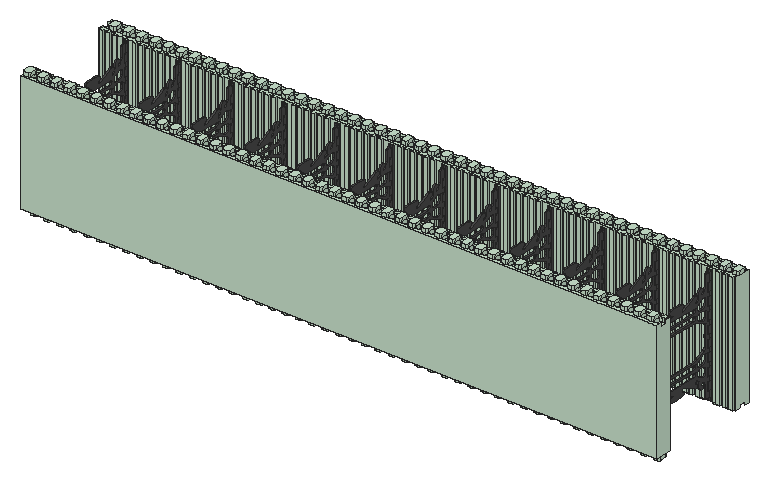
Revit family
Reference planes
  plane 1 "Center (Front/Back)": y = 0
  plane 2: z = 0
  plane 3 "Center (Left/Right)": x = 0
Forms (mm)
  Extrusion 1, solid, material "NUDURA Expanded Polystyrene Foam Insulation"
    sketch origin (0, -0.061, 0) x (1, 0, 0) y (0, 1, 0)
      loop
        line (7.142, 158.75) -> (5.558, 152.4) -> (19.842, 152.4) -> (18.258, 158.75) -> (32.542, 158.75) -> (30.958, 152.4) -> (45.242, 152.4) -> (43.658, 158.75) -> (57.942, 158.75) -> (56.358, 152.4) -> (70.642, 152.4) -> (69.058, 158.75) -> (134.142, 158.75) -> (132.558, 152.4) -> (146.842, 152.4) -> (145.258, 158.75) -> (159.542, 158.75) -> (157.958, 152.4) -> (172.242, 152.4) -> (170.658, 158.75) -> (184.942, 158.75) -> (183.358, 152.4) -> (197.642, 152.4) -> (196.058, 158.75) -> (210.342, 158.75) -> (208.758, 152.4) -> (223.042, 152.4) -> (221.458, 158.75) -> (235.742, 158.75) -> (234.158, 152.4) -> (248.442, 152.4) -> (246.858, 158.75) -> (261.142, 158.75) -> (259.558, 152.4) -> (273.842, 152.4) -> (272.258, 158.75) -> (337.342, 158.75) -> (335.758, 152.4) -> (350.042, 152.4) -> (348.458, 158.75) -> (362.742, 158.75) -> (361.158, 152.4) -> (375.442, 152.4) -> (373.858, 158.75) -> (388.142, 158.75) -> (386.558, 152.4) -> (400.842, 152.4) -> (399.258, 158.75) -> (413.542, 158.75) -> (411.958, 152.4) -> (426.242, 152.4) -> (424.658, 158.75) -> (438.942, 158.75) -> (437.358, 152.4) -> (451.642, 152.4) -> (450.058, 158.75) -> (464.342, 158.75) -> (462.758, 152.4) -> (477.042, 152.4) -> (475.458, 158.75) -> (540.542, 158.75) -> (538.958, 152.4) -> (553.242, 152.4) -> (551.658, 158.75) -> (565.942, 158.75) -> (564.358, 152.4) -> (578.642, 152.4) -> (577.058, 158.75) -> (591.342, 158.75) -> (589.758, 152.4) -> (604.042, 152.4) -> (602.458, 158.75) -> (616.742, 158.75) -> (615.158, 152.4) -> (629.442, 152.4) -> (627.858, 158.75) -> (642.142, 158.75) -> (640.558, 152.4) -> (654.842, 152.4) -> (653.258, 158.75) -> (667.542, 158.75) -> (665.958, 152.4) -> (680.242, 152.4) -> (678.658, 158.75) -> (743.742, 158.75) -> (742.158, 152.4) -> (756.442, 152.4) -> (754.858, 158.75) -> (769.142, 158.75) -> (767.558, 152.4) -> (781.842, 152.4) -> (780.258, 158.75) -> (794.542, 158.75) -> (792.958, 152.4) -> (807.242, 152.4) -> (805.658, 158.75) -> (819.942, 158.75) -> (818.358, 152.4) -> (832.642, 152.4) -> (831.058, 158.75) -> (845.342, 158.75) -> (843.758, 152.4) -> (858.042, 152.4) -> (856.458, 158.75) -> (870.742, 158.75) -> (869.158, 152.4) -> (883.442, 152.4) -> (881.858, 158.75) -> (946.942, 158.75) -> (945.358, 152.4) -> (959.642, 152.4) -> (958.058, 158.75) -> (972.342, 158.75) -> (970.758, 152.4) -> (985.042, 152.4) -> (983.458, 158.75) -> (997.742, 158.75) -> (996.158, 152.4) -> (1010.442, 152.4) -> (1008.858, 158.75) -> (1023.142, 158.75) -> (1021.558, 152.4) -> (1035.842, 152.4) -> (1034.258, 158.75) -> (1048.542, 158.75) -> (1046.958, 152.4) -> (1061.242, 152.4) -> (1059.658, 158.75) -> (1073.942, 158.75) -> (1072.358, 152.4) -> (1086.642, 152.4) -> (1085.058, 158.75) -> (1150.142, 158.75) -> (1148.558, 152.4) -> (1162.842, 152.4) -> (1161.258, 158.75) -> (1175.542, 158.75) -> (1173.958, 152.4) -> (1188.242, 152.4) -> (1186.658, 158.75) -> (1200.942, 158.75) -> (1199.358, 152.4) -> (1213.642, 152.4) -> (1212.058, 158.75) -> (1226.342, 158.75) -> (1224.758, 152.4) -> (1239.042, 152.4) -> (1237.458, 158.75) -> (1251.742, 158.75) -> (1250.158, 152.4) -> (1264.442, 152.4) -> (1262.858, 158.75) -> (1277.142, 158.75) -> (1275.558, 152.4) -> (1289.842, 152.4) -> (1288.258, 158.75) -> (1353.342, 158.75) -> (1351.758, 152.4) -> (1366.042, 152.4) -> (1364.458, 158.75) -> (1378.742, 158.75) -> (1377.158, 152.4) -> (1391.442, 152.4) -> (1389.858, 158.75) -> (1404.142, 158.75) -> (1402.558, 152.4) -> (1416.842, 152.4) -> (1415.258, 158.75) -> (1429.542, 158.75) -> (1427.958, 152.4) -> (1442.242, 152.4) -> (1440.658, 158.75) -> (1454.942, 158.75) -> (1453.358, 152.4) -> (1467.642, 152.4) -> (1466.058, 158.75) -> (1480.342, 158.75) -> (1478.758, 152.4) -> (1493.042, 152.4) -> (1491.458, 158.75) -> (1556.542, 158.75) -> (1554.958, 152.4) -> (1569.242, 152.4) -> (1567.658, 158.75) -> (1581.942, 158.75) -> (1580.358, 152.4) -> (1594.642, 152.4) -> (1593.058, 158.75) -> (1607.342, 158.75) -> (1605.758, 152.4) -> (1620.042, 152.4) -> (1618.458, 158.75) -> (1632.742, 158.75) -> (1631.158, 152.4) -> (1645.442, 152.4) -> (1643.858, 158.75) -> (1658.142, 158.75) -> (1656.558, 152.4) -> (1670.842, 152.4) -> (1669.258, 158.75) -> (1683.542, 158.75) -> (1681.958, 152.4) -> (1696.242, 152.4) -> (1694.658, 158.75) -> (1759.742, 158.75) -> (1758.158, 152.4) -> (1772.442, 152.4) -> (1770.858, 158.75) -> (1785.142, 158.75) -> (1783.558, 152.4) -> (1797.842, 152.4) -> (1796.258, 158.75) -> (1810.542, 158.75) -> (1808.958, 152.4) -> (1823.242, 152.4) -> (1821.658, 158.75) -> (1835.942, 158.75) -> (1834.358, 152.4) -> (1848.642, 152.4) -> (1847.058, 158.75) -> (1861.342, 158.75) -> (1859.758, 152.4) -> (1874.042, 152.4) -> (1872.458, 158.75) -> (1886.742, 158.75) -> (1885.158, 152.4) -> (1899.442, 152.4) -> (1897.858, 158.75) -> (1962.942, 158.75) -> (1961.358, 152.4) -> (1975.642, 152.4) -> (1974.058, 158.75) -> (1988.342, 158.75) -> (1986.758, 152.4) -> (2001.042, 152.4) -> (1999.458, 158.75) -> (2013.742, 158.75) -> (2012.158, 152.4) -> (2026.442, 152.4) -> (2024.858, 158.75) -> (2039.142, 158.75) -> (2037.558, 152.4) -> (2051.842, 152.4) -> (2050.258, 158.75) -> (2064.542, 158.75) -> (2062.958, 152.4) -> (2077.242, 152.4) -> (2075.658, 158.75) -> (2089.942, 158.75) -> (2088.358, 152.4) -> (2102.642, 152.4) -> (2101.058, 158.75) -> (2166.142, 158.75) -> (2164.558, 152.4) -> (2178.842, 152.4) -> (2177.258, 158.75) -> (2191.542, 158.75) -> (2189.958, 152.4) -> (2204.242, 152.4) -> (2202.658, 158.75) -> (2216.942, 158.75) -> (2215.358, 152.4) -> (2229.642, 152.4) -> (2228.058, 158.75) -> (2242.342, 158.75) -> (2240.758, 152.4) -> (2255.042, 152.4) -> (2253.458, 158.75) -> (2267.742, 158.75) -> (2266.158, 152.4) -> (2280.442, 152.4) -> (2278.858, 158.75) -> (2293.142, 158.75) -> (2291.558, 152.4) -> (2305.842, 152.4) -> (2304.258, 158.75) -> (2369.342, 158.75) -> (2367.758, 152.4) -> (2382.042, 152.4) -> (2380.458, 158.75) -> (2394.742, 158.75) -> (2393.158, 152.4) -> (2407.442, 152.4) -> (2405.858, 158.75) -> (2420.142, 158.75) -> (2418.558, 152.4) -> (2432.842, 152.4) -> (2431.258, 158.75) -> (2438.4, 158.75) -> (2438.4, 219.075) -> (0, 219.075) -> (0, 158.75) -> (7.142, 158.75)
      loop
        line (7.142, -158.75) -> (0, -158.75) -> (0, -219.075) -> (2438.4, -219.075) -> (2438.4, -158.75) -> (2431.258, -158.75) -> (2432.842, -152.4) -> (2418.558, -152.4) -> (2420.142, -158.75) -> (2405.858, -158.75) -> (2407.442, -152.4) -> (2393.158, -152.4) -> (2394.742, -158.75) -> (2380.458, -158.75) -> (2382.042, -152.4) -> (2367.758, -152.4) -> (2369.342, -158.75) -> (2304.258, -158.75) -> (2305.842, -152.4) -> (2291.558, -152.4) -> (2293.142, -158.75) -> (2278.858, -158.75) -> (2280.442, -152.4) -> (2266.158, -152.4) -> (2267.742, -158.75) -> (2253.458, -158.75) -> (2255.042, -152.4) -> (2240.758, -152.4) -> (2242.342, -158.75) -> (2228.058, -158.75) -> (2229.642, -152.4) -> (2215.358, -152.4) -> (2216.942, -158.75) -> (2202.658, -158.75) -> (2204.242, -152.4) -> (2189.958, -152.4) -> (2191.542, -158.75) -> (2177.258, -158.75) -> (2178.842, -152.4) -> (2164.558, -152.4) -> (2166.142, -158.75) -> (2101.058, -158.75) -> (2102.642, -152.4) -> (2088.358, -152.4) -> (2089.942, -158.75) -> (2075.658, -158.75) -> (2077.242, -152.4) -> (2062.958, -152.4) -> (2064.542, -158.75) -> (2050.258, -158.75) -> (2051.842, -152.4) -> (2037.558, -152.4) -> (2039.142, -158.75) -> (2024.858, -158.75) -> (2026.442, -152.4) -> (2012.158, -152.4) -> (2013.742, -158.75) -> (1999.458, -158.75) -> (2001.042, -152.4) -> (1986.758, -152.4) -> (1988.342, -158.75) -> (1974.058, -158.75) -> (1975.642, -152.4) -> (1961.358, -152.4) -> (1962.942, -158.75) -> (1897.858, -158.75) -> (1899.442, -152.4) -> (1885.158, -152.4) -> (1886.742, -158.75) -> (1872.458, -158.75) -> (1874.042, -152.4) -> (1859.758, -152.4) -> (1861.342, -158.75) -> (1847.058, -158.75) -> (1848.642, -152.4) -> (1834.358, -152.4) -> (1835.942, -158.75) -> (1821.658, -158.75) -> (1823.242, -152.4) -> (1808.958, -152.4) -> (1810.542, -158.75) -> (1796.258, -158.75) -> (1797.842, -152.4) -> (1783.558, -152.4) -> (1785.142, -158.75) -> (1770.858, -158.75) -> (1772.442, -152.4) -> (1758.158, -152.4) -> (1759.742, -158.75) -> (1694.658, -158.75) -> (1696.242, -152.4) -> (1681.958, -152.4) -> (1683.542, -158.75) -> (1669.258, -158.75) -> (1670.842, -152.4) -> (1656.558, -152.4) -> (1658.142, -158.75) -> (1643.858, -158.75) -> (1645.442, -152.4) -> (1631.158, -152.4) -> (1632.742, -158.75) -> (1618.458, -158.75) -> (1620.042, -152.4) -> (1605.758, -152.4) -> (1607.342, -158.75) -> (1593.058, -158.75) -> (1594.642, -152.4) -> (1580.358, -152.4) -> (1581.942, -158.75) -> (1567.658, -158.75) -> (1569.242, -152.4) -> (1554.958, -152.4) -> (1556.542, -158.75) -> (1491.458, -158.75) -> (1493.042, -152.4) -> (1478.758, -152.4) -> (1480.342, -158.75) -> (1466.058, -158.75) -> (1467.642, -152.4) -> (1453.358, -152.4) -> (1454.942, -158.75) -> (1440.658, -158.75) -> (1442.242, -152.4) -> (1427.958, -152.4) -> (1429.542, -158.75) -> (1415.258, -158.75) -> (1416.842, -152.4) -> (1402.558, -152.4) -> (1404.142, -158.75) -> (1389.858, -158.75) -> (1391.442, -152.4) -> (1377.158, -152.4) -> (1378.742, -158.75) -> (1364.458, -158.75) -> (1366.042, -152.4) -> (1351.758, -152.4) -> (1353.342, -158.75) -> (1288.258, -158.75) -> (1289.842, -152.4) -> (1275.558, -152.4) -> (1277.142, -158.75) -> (1262.858, -158.75) -> (1264.442, -152.4) -> (1250.158, -152.4) -> (1251.742, -158.75) -> (1237.458, -158.75) -> (1239.042, -152.4) -> (1224.758, -152.4) -> (1226.342, -158.75) -> (1212.058, -158.75) -> (1213.642, -152.4) -> (1199.358, -152.4) -> (1200.942, -158.75) -> (1186.658, -158.75) -> (1188.242, -152.4) -> (1173.958, -152.4) -> (1175.542, -158.75) -> (1161.258, -158.75) -> (1162.842, -152.4) -> (1148.558, -152.4) -> (1150.142, -158.75) -> (1085.058, -158.75) -> (1086.642, -152.4) -> (1072.358, -152.4) -> (1073.942, -158.75) -> (1059.658, -158.75) -> (1061.242, -152.4) -> (1046.958, -152.4) -> (1048.542, -158.75) -> (1034.258, -158.75) -> (1035.842, -152.4) -> (1021.558, -152.4) -> (1023.142, -158.75) -> (1008.858, -158.75) -> (1010.442, -152.4) -> (996.158, -152.4) -> (997.742, -158.75) -> (983.458, -158.75) -> (985.042, -152.4) -> (970.758, -152.4) -> (972.342, -158.75) -> (958.058, -158.75) -> (959.642, -152.4) -> (945.358, -152.4) -> (946.942, -158.75) -> (881.858, -158.75) -> (883.442, -152.4) -> (869.158, -152.4) -> (870.742, -158.75) -> (856.458, -158.75) -> (858.042, -152.4) -> (843.758, -152.4) -> (845.342, -158.75) -> (831.058, -158.75) -> (832.642, -152.4) -> (818.358, -152.4) -> (819.942, -158.75) -> (805.658, -158.75) -> (807.242, -152.4) -> (792.958, -152.4) -> (794.542, -158.75) -> (780.258, -158.75) -> (781.842, -152.4) -> (767.558, -152.4) -> (769.142, -158.75) -> (754.858, -158.75) -> (756.442, -152.4) -> (742.158, -152.4) -> (743.742, -158.75) -> (678.658, -158.75) -> (680.242, -152.4) -> (665.958, -152.4) -> (667.542, -158.75) -> (653.258, -158.75) -> (654.842, -152.4) -> (640.558, -152.4) -> (642.142, -158.75) -> (627.858, -158.75) -> (629.442, -152.4) -> (615.158, -152.4) -> (616.742, -158.75) -> (602.458, -158.75) -> (604.042, -152.4) -> (589.758, -152.4) -> (591.342, -158.75) -> (577.058, -158.75) -> (578.642, -152.4) -> (564.358, -152.4) -> (565.942, -158.75) -> (551.658, -158.75) -> (553.242, -152.4) -> (538.958, -152.4) -> (540.542, -158.75) -> (475.458, -158.75) -> (477.042, -152.4) -> (462.758, -152.4) -> (464.342, -158.75) -> (450.058, -158.75) -> (451.642, -152.4) -> (437.358, -152.4) -> (438.942, -158.75) -> (424.658, -158.75) -> (426.242, -152.4) -> (411.958, -152.4) -> (413.542, -158.75) -> (399.258, -158.75) -> (400.842, -152.4) -> (386.558, -152.4) -> (388.142, -158.75) -> (373.858, -158.75) -> (375.442, -152.4) -> (361.158, -152.4) -> (362.742, -158.75) -> (348.458, -158.75) -> (350.042, -152.4) -> (335.758, -152.4) -> (337.342, -158.75) -> (272.258, -158.75) -> (273.842, -152.4) -> (259.558, -152.4) -> (261.142, -158.75) -> (246.858, -158.75) -> (248.442, -152.4) -> (234.158, -152.4) -> (235.742, -158.75) -> (221.458, -158.75) -> (223.042, -152.4) -> (208.758, -152.4) -> (210.342, -158.75) -> (196.058, -158.75) -> (197.642, -152.4) -> (183.358, -152.4) -> (184.942, -158.75) -> (170.658, -158.75) -> (172.242, -152.4) -> (157.958, -152.4) -> (159.542, -158.75) -> (145.258, -158.75) -> (146.842, -152.4) -> (132.558, -152.4) -> (134.142, -158.75) -> (69.058, -158.75) -> (70.642, -152.4) -> (56.358, -152.4) -> (57.942, -158.75) -> (43.658, -158.75) -> (45.242, -152.4) -> (30.958, -152.4) -> (32.542, -158.75) -> (18.258, -158.75) -> (19.842, -152.4) -> (5.558, -152.4) -> (7.142, -158.75)
    from 0 to 457.2
  Extrusion 2, void
    sketch origin (0, -76.261, 0) x (1, 0, 0) y (0, 1, 0)
      loop
        arc (25.4, -124.411) -> (26.615, -128.147) -> (29.796, -130.453) r 6.35
        arc (29.796, -130.453) -> (38.1, -131.763) -> (46.404, -130.453) r 26.987
        arc (46.404, -130.453) -> (49.585, -128.147) -> (50.8, -124.411) r 6.35
        line (50.8, -124.411) -> (50.8, -101.014)
        arc (50.8, -101.014) -> (50.362, -98.696) -> (49.108, -96.698) r 6.35
        arc (49.108, -96.698) -> (48.795, -96.199) -> (48.685, -95.62) r 1.588
        line (48.685, -95.62) -> (48.685, -86.829) -> (44.346, -86.829) -> (44.346, -92.457)
        arc (44.346, -92.457) -> (43.786, -93.668) -> (42.5, -94.024) r 1.587
        arc (42.5, -94.024) -> (36.091, -93.737) -> (29.796, -94.972) r 26.988
        arc (29.796, -94.972) -> (26.615, -97.278) -> (25.4, -101.014) r 6.35
        line (25.4, -101.014) -> (25.4, -124.411)
    from 457.2 to 444.5
  Extrusion 3, void
    sketch origin (50.8, -76.261, 0) x (1, 0, 0) y (0, 1, 0)
      loop
        arc (25.4, -124.411) -> (26.615, -128.147) -> (29.796, -130.453) r 6.35
        arc (29.796, -130.453) -> (38.1, -131.763) -> (46.404, -130.453) r 26.987
        arc (46.404, -130.453) -> (49.585, -128.147) -> (50.8, -124.411) r 6.35
        line (50.8, -124.411) -> (50.8, -101.014)
        arc (50.8, -101.014) -> (50.362, -98.696) -> (49.108, -96.698) r 6.35
        arc (49.108, -96.698) -> (48.795, -96.199) -> (48.685, -95.62) r 1.588
        line (48.685, -95.62) -> (48.685, -86.829) -> (44.346, -86.829) -> (44.346, -92.457)
        arc (44.346, -92.457) -> (43.786, -93.668) -> (42.5, -94.024) r 1.587
        arc (42.5, -94.024) -> (36.091, -93.737) -> (29.796, -94.972) r 26.988
        arc (29.796, -94.972) -> (26.615, -97.278) -> (25.4, -101.014) r 6.35
        line (25.4, -101.014) -> (25.4, -124.411)
    from 457.2 to 444.5
  Extrusion 4, void
    sketch origin (101.6, -76.261, 0) x (1, 0, 0) y (0, 1, 0)
      loop
        arc (25.4, -124.411) -> (26.615, -128.147) -> (29.796, -130.453) r 6.35
        arc (29.796, -130.453) -> (38.1, -131.763) -> (46.404, -130.453) r 26.987
        arc (46.404, -130.453) -> (49.585, -128.147) -> (50.8, -124.411) r 6.35
        line (50.8, -124.411) -> (50.8, -101.014)
        arc (50.8, -101.014) -> (50.362, -98.696) -> (49.108, -96.698) r 6.35
        arc (49.108, -96.698) -> (48.795, -96.199) -> (48.685, -95.62) r 1.588
        line (48.685, -95.62) -> (48.685, -86.829) -> (44.346, -86.829) -> (44.346, -92.457)
        arc (44.346, -92.457) -> (43.786, -93.668) -> (42.5, -94.024) r 1.587
        arc (42.5, -94.024) -> (36.091, -93.737) -> (29.796, -94.972) r 26.988
        arc (29.796, -94.972) -> (26.615, -97.278) -> (25.4, -101.014) r 6.35
        line (25.4, -101.014) -> (25.4, -124.411)
    from 457.2 to 444.5
  Extrusion 5, void
    sketch origin (152.4, -76.261, 0) x (1, 0, 0) y (0, 1, 0)
      loop
        arc (25.4, -124.411) -> (26.615, -128.147) -> (29.796, -130.453) r 6.35
        arc (29.796, -130.453) -> (38.1, -131.763) -> (46.404, -130.453) r 26.987
        arc (46.404, -130.453) -> (49.585, -128.147) -> (50.8, -124.411) r 6.35
        line (50.8, -124.411) -> (50.8, -101.014)
        arc (50.8, -101.014) -> (50.362, -98.696) -> (49.108, -96.698) r 6.35
        arc (49.108, -96.698) -> (48.795, -96.199) -> (48.685, -95.62) r 1.588
        line (48.685, -95.62) -> (48.685, -86.829) -> (44.346, -86.829) -> (44.346, -92.457)
        arc (44.346, -92.457) -> (43.786, -93.668) -> (42.5, -94.024) r 1.587
        arc (42.5, -94.024) -> (36.091, -93.737) -> (29.796, -94.972) r 26.988
        arc (29.796, -94.972) -> (26.615, -97.278) -> (25.4, -101.014) r 6.35
        line (25.4, -101.014) -> (25.4, -124.411)
    from 457.2 to 444.5
  Extrusion 6, void
    sketch origin (203.2, -76.261, 0) x (1, 0, 0) y (0, 1, 0)
      loop
        arc (25.4, -124.411) -> (26.615, -128.147) -> (29.796, -130.453) r 6.35
        arc (29.796, -130.453) -> (38.1, -131.763) -> (46.404, -130.453) r 26.987
        arc (46.404, -130.453) -> (49.585, -128.147) -> (50.8, -124.411) r 6.35
        line (50.8, -124.411) -> (50.8, -101.014)
        arc (50.8, -101.014) -> (50.362, -98.696) -> (49.108, -96.698) r 6.35
        arc (49.108, -96.698) -> (48.795, -96.199) -> (48.685, -95.62) r 1.588
        line (48.685, -95.62) -> (48.685, -86.829) -> (44.346, -86.829) -> (44.346, -92.457)
        arc (44.346, -92.457) -> (43.786, -93.668) -> (42.5, -94.024) r 1.587
        arc (42.5, -94.024) -> (36.091, -93.737) -> (29.796, -94.972) r 26.988
        arc (29.796, -94.972) -> (26.615, -97.278) -> (25.4, -101.014) r 6.35
        line (25.4, -101.014) -> (25.4, -124.411)
    from 457.2 to 444.5
  Extrusion 7, void
    sketch origin (254, -76.261, 0) x (1, 0, 0) y (0, 1, 0)
      loop
        arc (25.4, -124.411) -> (26.615, -128.147) -> (29.796, -130.453) r 6.35
        arc (29.796, -130.453) -> (38.1, -131.763) -> (46.404, -130.453) r 26.987
        arc (46.404, -130.453) -> (49.585, -128.147) -> (50.8, -124.411) r 6.35
        line (50.8, -124.411) -> (50.8, -101.014)
        arc (50.8, -101.014) -> (50.362, -98.696) -> (49.108, -96.698) r 6.35
        arc (49.108, -96.698) -> (48.795, -96.199) -> (48.685, -95.62) r 1.588
        line (48.685, -95.62) -> (48.685, -86.829) -> (44.346, -86.829) -> (44.346, -92.457)
        arc (44.346, -92.457) -> (43.786, -93.668) -> (42.5, -94.024) r 1.587
        arc (42.5, -94.024) -> (36.091, -93.737) -> (29.796, -94.972) r 26.988
        arc (29.796, -94.972) -> (26.615, -97.278) -> (25.4, -101.014) r 6.35
        line (25.4, -101.014) -> (25.4, -124.411)
    from 457.2 to 444.5
  Extrusion 8, void
    sketch origin (304.8, -76.261, 0) x (1, 0, 0) y (0, 1, 0)
      loop
        arc (25.4, -124.411) -> (26.615, -128.147) -> (29.796, -130.453) r 6.35
        arc (29.796, -130.453) -> (38.1, -131.763) -> (46.404, -130.453) r 26.987
        arc (46.404, -130.453) -> (49.585, -128.147) -> (50.8, -124.411) r 6.35
        line (50.8, -124.411) -> (50.8, -101.014)
        arc (50.8, -101.014) -> (50.362, -98.696) -> (49.108, -96.698) r 6.35
        arc (49.108, -96.698) -> (48.795, -96.199) -> (48.685, -95.62) r 1.588
        line (48.685, -95.62) -> (48.685, -86.829) -> (44.346, -86.829) -> (44.346, -92.457)
        arc (44.346, -92.457) -> (43.786, -93.668) -> (42.5, -94.024) r 1.587
        arc (42.5, -94.024) -> (36.091, -93.737) -> (29.796, -94.972) r 26.988
        arc (29.796, -94.972) -> (26.615, -97.278) -> (25.4, -101.014) r 6.35
        line (25.4, -101.014) -> (25.4, -124.411)
    from 457.2 to 444.5
  Extrusion 9, void
    sketch origin (355.6, -76.261, 0) x (1, 0, 0) y (0, 1, 0)
      loop
        arc (25.4, -124.411) -> (26.615, -128.147) -> (29.796, -130.453) r 6.35
        arc (29.796, -130.453) -> (38.1, -131.763) -> (46.404, -130.453) r 26.987
        arc (46.404, -130.453) -> (49.585, -128.147) -> (50.8, -124.411) r 6.35
        line (50.8, -124.411) -> (50.8, -101.014)
        arc (50.8, -101.014) -> (50.362, -98.696) -> (49.108, -96.698) r 6.35
        arc (49.108, -96.698) -> (48.795, -96.199) -> (48.685, -95.62) r 1.588
        line (48.685, -95.62) -> (48.685, -86.829) -> (44.346, -86.829) -> (44.346, -92.457)
        arc (44.346, -92.457) -> (43.786, -93.668) -> (42.5, -94.024) r 1.587
        arc (42.5, -94.024) -> (36.091, -93.737) -> (29.796, -94.972) r 26.988
        arc (29.796, -94.972) -> (26.615, -97.278) -> (25.4, -101.014) r 6.35
        line (25.4, -101.014) -> (25.4, -124.411)
    from 457.2 to 444.5
  Extrusion 10, void
    sketch origin (406.4, -76.261, 0) x (1, 0, 0) y (0, 1, 0)
      loop
        arc (25.4, -124.411) -> (26.615, -128.147) -> (29.796, -130.453) r 6.35
        arc (29.796, -130.453) -> (38.1, -131.763) -> (46.404, -130.453) r 26.987
        arc (46.404, -130.453) -> (49.585, -128.147) -> (50.8, -124.411) r 6.35
        line (50.8, -124.411) -> (50.8, -101.014)
        arc (50.8, -101.014) -> (50.362, -98.696) -> (49.108, -96.698) r 6.35
        arc (49.108, -96.698) -> (48.795, -96.199) -> (48.685, -95.62) r 1.588
        line (48.685, -95.62) -> (48.685, -86.829) -> (44.346, -86.829) -> (44.346, -92.457)
        arc (44.346, -92.457) -> (43.786, -93.668) -> (42.5, -94.024) r 1.587
        arc (42.5, -94.024) -> (36.091, -93.737) -> (29.796, -94.972) r 26.988
        arc (29.796, -94.972) -> (26.615, -97.278) -> (25.4, -101.014) r 6.35
        line (25.4, -101.014) -> (25.4, -124.411)
    from 457.2 to 444.5
  Extrusion 11, void
    sketch origin (457.2, -76.261, 0) x (1, 0, 0) y (0, 1, 0)
      loop
        arc (25.4, -124.411) -> (26.615, -128.147) -> (29.796, -130.453) r 6.35
        arc (29.796, -130.453) -> (38.1, -131.763) -> (46.404, -130.453) r 26.987
        arc (46.404, -130.453) -> (49.585, -128.147) -> (50.8, -124.411) r 6.35
        line (50.8, -124.411) -> (50.8, -101.014)
        arc (50.8, -101.014) -> (50.362, -98.696) -> (49.108, -96.698) r 6.35
        arc (49.108, -96.698) -> (48.795, -96.199) -> (48.685, -95.62) r 1.588
        line (48.685, -95.62) -> (48.685, -86.829) -> (44.346, -86.829) -> (44.346, -92.457)
        arc (44.346, -92.457) -> (43.786, -93.668) -> (42.5, -94.024) r 1.587
        arc (42.5, -94.024) -> (36.091, -93.737) -> (29.796, -94.972) r 26.988
        arc (29.796, -94.972) -> (26.615, -97.278) -> (25.4, -101.014) r 6.35
        line (25.4, -101.014) -> (25.4, -124.411)
    from 457.2 to 444.5
  Extrusion 12, void
    sketch origin (508, -76.261, 0) x (1, 0, 0) y (0, 1, 0)
      loop
        arc (25.4, -124.411) -> (26.615, -128.147) -> (29.796, -130.453) r 6.35
        arc (29.796, -130.453) -> (38.1, -131.763) -> (46.404, -130.453) r 26.987
        arc (46.404, -130.453) -> (49.585, -128.147) -> (50.8, -124.411) r 6.35
        line (50.8, -124.411) -> (50.8, -101.014)
        arc (50.8, -101.014) -> (50.362, -98.696) -> (49.108, -96.698) r 6.35
        arc (49.108, -96.698) -> (48.795, -96.199) -> (48.685, -95.62) r 1.588
        line (48.685, -95.62) -> (48.685, -86.829) -> (44.346, -86.829) -> (44.346, -92.457)
        arc (44.346, -92.457) -> (43.786, -93.668) -> (42.5, -94.024) r 1.587
        arc (42.5, -94.024) -> (36.091, -93.737) -> (29.796, -94.972) r 26.988
        arc (29.796, -94.972) -> (26.615, -97.278) -> (25.4, -101.014) r 6.35
        line (25.4, -101.014) -> (25.4, -124.411)
    from 457.2 to 444.5
  Extrusion 13, void
    sketch origin (558.8, -76.261, 0) x (1, 0, 0) y (0, 1, 0)
      loop
        arc (25.4, -124.411) -> (26.615, -128.147) -> (29.796, -130.453) r 6.35
        arc (29.796, -130.453) -> (38.1, -131.763) -> (46.404, -130.453) r 26.987
        arc (46.404, -130.453) -> (49.585, -128.147) -> (50.8, -124.411) r 6.35
        line (50.8, -124.411) -> (50.8, -101.014)
        arc (50.8, -101.014) -> (50.362, -98.696) -> (49.108, -96.698) r 6.35
        arc (49.108, -96.698) -> (48.795, -96.199) -> (48.685, -95.62) r 1.588
        line (48.685, -95.62) -> (48.685, -86.829) -> (44.346, -86.829) -> (44.346, -92.457)
        arc (44.346, -92.457) -> (43.786, -93.668) -> (42.5, -94.024) r 1.587
        arc (42.5, -94.024) -> (36.091, -93.737) -> (29.796, -94.972) r 26.988
        arc (29.796, -94.972) -> (26.615, -97.278) -> (25.4, -101.014) r 6.35
        line (25.4, -101.014) -> (25.4, -124.411)
    from 457.2 to 444.5
  Extrusion 14, void
    sketch origin (609.6, -76.261, 0) x (1, 0, 0) y (0, 1, 0)
      loop
        arc (25.4, -124.411) -> (26.615, -128.147) -> (29.796, -130.453) r 6.35
        arc (29.796, -130.453) -> (38.1, -131.763) -> (46.404, -130.453) r 26.987
        arc (46.404, -130.453) -> (49.585, -128.147) -> (50.8, -124.411) r 6.35
        line (50.8, -124.411) -> (50.8, -101.014)
        arc (50.8, -101.014) -> (50.362, -98.696) -> (49.108, -96.698) r 6.35
        arc (49.108, -96.698) -> (48.795, -96.199) -> (48.685, -95.62) r 1.588
        line (48.685, -95.62) -> (48.685, -86.829) -> (44.346, -86.829) -> (44.346, -92.457)
        arc (44.346, -92.457) -> (43.786, -93.668) -> (42.5, -94.024) r 1.587
        arc (42.5, -94.024) -> (36.091, -93.737) -> (29.796, -94.972) r 26.988
        arc (29.796, -94.972) -> (26.615, -97.278) -> (25.4, -101.014) r 6.35
        line (25.4, -101.014) -> (25.4, -124.411)
    from 457.2 to 444.5
  Extrusion 15, void
    sketch origin (660.4, -76.261, 0) x (1, 0, 0) y (0, 1, 0)
      loop
        arc (25.4, -124.411) -> (26.615, -128.147) -> (29.796, -130.453) r 6.35
        arc (29.796, -130.453) -> (38.1, -131.763) -> (46.404, -130.453) r 26.987
        arc (46.404, -130.453) -> (49.585, -128.147) -> (50.8, -124.411) r 6.35
        line (50.8, -124.411) -> (50.8, -101.014)
        arc (50.8, -101.014) -> (50.362, -98.696) -> (49.108, -96.698) r 6.35
        arc (49.108, -96.698) -> (48.795, -96.199) -> (48.685, -95.62) r 1.588
        line (48.685, -95.62) -> (48.685, -86.829) -> (44.346, -86.829) -> (44.346, -92.457)
        arc (44.346, -92.457) -> (43.786, -93.668) -> (42.5, -94.024) r 1.587
        arc (42.5, -94.024) -> (36.091, -93.737) -> (29.796, -94.972) r 26.988
        arc (29.796, -94.972) -> (26.615, -97.278) -> (25.4, -101.014) r 6.35
        line (25.4, -101.014) -> (25.4, -124.411)
    from 457.2 to 444.5
  Extrusion 16, void
    sketch origin (711.2, -76.261, 0) x (1, 0, 0) y (0, 1, 0)
      loop
        arc (25.4, -124.411) -> (26.615, -128.147) -> (29.796, -130.453) r 6.35
        arc (29.796, -130.453) -> (38.1, -131.763) -> (46.404, -130.453) r 26.987
        arc (46.404, -130.453) -> (49.585, -128.147) -> (50.8, -124.411) r 6.35
        line (50.8, -124.411) -> (50.8, -101.014)
        arc (50.8, -101.014) -> (50.362, -98.696) -> (49.108, -96.698) r 6.35
        arc (49.108, -96.698) -> (48.795, -96.199) -> (48.685, -95.62) r 1.588
        line (48.685, -95.62) -> (48.685, -86.829) -> (44.346, -86.829) -> (44.346, -92.457)
        arc (44.346, -92.457) -> (43.786, -93.668) -> (42.5, -94.024) r 1.587
        arc (42.5, -94.024) -> (36.091, -93.737) -> (29.796, -94.972) r 26.988
        arc (29.796, -94.972) -> (26.615, -97.278) -> (25.4, -101.014) r 6.35
        line (25.4, -101.014) -> (25.4, -124.411)
    from 457.2 to 444.5
  Extrusion 17, void
    sketch origin (762, -76.261, 0) x (1, 0, 0) y (0, 1, 0)
      loop
        arc (25.4, -124.411) -> (26.615, -128.147) -> (29.796, -130.453) r 6.35
        arc (29.796, -130.453) -> (38.1, -131.763) -> (46.404, -130.453) r 26.987
        arc (46.404, -130.453) -> (49.585, -128.147) -> (50.8, -124.411) r 6.35
        line (50.8, -124.411) -> (50.8, -101.014)
        arc (50.8, -101.014) -> (50.362, -98.696) -> (49.108, -96.698) r 6.35
        arc (49.108, -96.698) -> (48.795, -96.199) -> (48.685, -95.62) r 1.588
        line (48.685, -95.62) -> (48.685, -86.829) -> (44.346, -86.829) -> (44.346, -92.457)
        arc (44.346, -92.457) -> (43.786, -93.668) -> (42.5, -94.024) r 1.587
        arc (42.5, -94.024) -> (36.091, -93.737) -> (29.796, -94.972) r 26.988
        arc (29.796, -94.972) -> (26.615, -97.278) -> (25.4, -101.014) r 6.35
        line (25.4, -101.014) -> (25.4, -124.411)
    from 457.2 to 444.5
  Extrusion 18, void
    sketch origin (812.8, -76.261, 0) x (1, 0, 0) y (0, 1, 0)
      loop
        arc (25.4, -124.411) -> (26.615, -128.147) -> (29.796, -130.453) r 6.35
        arc (29.796, -130.453) -> (38.1, -131.763) -> (46.404, -130.453) r 26.987
        arc (46.404, -130.453) -> (49.585, -128.147) -> (50.8, -124.411) r 6.35
        line (50.8, -124.411) -> (50.8, -101.014)
        arc (50.8, -101.014) -> (50.362, -98.696) -> (49.108, -96.698) r 6.35
        arc (49.108, -96.698) -> (48.795, -96.199) -> (48.685, -95.62) r 1.588
        line (48.685, -95.62) -> (48.685, -86.829) -> (44.346, -86.829) -> (44.346, -92.457)
        arc (44.346, -92.457) -> (43.786, -93.668) -> (42.5, -94.024) r 1.587
        arc (42.5, -94.024) -> (36.091, -93.737) -> (29.796, -94.972) r 26.988
        arc (29.796, -94.972) -> (26.615, -97.278) -> (25.4, -101.014) r 6.35
        line (25.4, -101.014) -> (25.4, -124.411)
    from 457.2 to 444.5
  Extrusion 19, void
    sketch origin (863.6, -76.261, 0) x (1, 0, 0) y (0, 1, 0)
      loop
        arc (25.4, -124.411) -> (26.615, -128.147) -> (29.796, -130.453) r 6.35
        arc (29.796, -130.453) -> (38.1, -131.763) -> (46.404, -130.453) r 26.987
        arc (46.404, -130.453) -> (49.585, -128.147) -> (50.8, -124.411) r 6.35
        line (50.8, -124.411) -> (50.8, -101.014)
        arc (50.8, -101.014) -> (50.362, -98.696) -> (49.108, -96.698) r 6.35
        arc (49.108, -96.698) -> (48.795, -96.199) -> (48.685, -95.62) r 1.588
        line (48.685, -95.62) -> (48.685, -86.829) -> (44.346, -86.829) -> (44.346, -92.457)
        arc (44.346, -92.457) -> (43.786, -93.668) -> (42.5, -94.024) r 1.587
        arc (42.5, -94.024) -> (36.091, -93.737) -> (29.796, -94.972) r 26.988
        arc (29.796, -94.972) -> (26.615, -97.278) -> (25.4, -101.014) r 6.35
        line (25.4, -101.014) -> (25.4, -124.411)
    from 457.2 to 444.5
  Extrusion 20, void
    sketch origin (914.4, -76.261, 0) x (1, 0, 0) y (0, 1, 0)
      loop
        arc (25.4, -124.411) -> (26.615, -128.147) -> (29.796, -130.453) r 6.35
        arc (29.796, -130.453) -> (38.1, -131.763) -> (46.404, -130.453) r 26.987
        arc (46.404, -130.453) -> (49.585, -128.147) -> (50.8, -124.411) r 6.35
        line (50.8, -124.411) -> (50.8, -101.014)
        arc (50.8, -101.014) -> (50.362, -98.696) -> (49.108, -96.698) r 6.35
        arc (49.108, -96.698) -> (48.795, -96.199) -> (48.685, -95.62) r 1.588
        line (48.685, -95.62) -> (48.685, -86.829) -> (44.346, -86.829) -> (44.346, -92.457)
        arc (44.346, -92.457) -> (43.786, -93.668) -> (42.5, -94.024) r 1.587
        arc (42.5, -94.024) -> (36.091, -93.737) -> (29.796, -94.972) r 26.988
        arc (29.796, -94.972) -> (26.615, -97.278) -> (25.4, -101.014) r 6.35
        line (25.4, -101.014) -> (25.4, -124.411)
    from 457.2 to 444.5
  Extrusion 21, void
    sketch origin (965.2, -76.261, 0) x (1, 0, 0) y (0, 1, 0)
      loop
        arc (25.4, -124.411) -> (26.615, -128.147) -> (29.796, -130.453) r 6.35
        arc (29.796, -130.453) -> (38.1, -131.763) -> (46.404, -130.453) r 26.987
        arc (46.404, -130.453) -> (49.585, -128.147) -> (50.8, -124.411) r 6.35
        line (50.8, -124.411) -> (50.8, -101.014)
        arc (50.8, -101.014) -> (50.362, -98.696) -> (49.108, -96.698) r 6.35
        arc (49.108, -96.698) -> (48.795, -96.199) -> (48.685, -95.62) r 1.588
        line (48.685, -95.62) -> (48.685, -86.829) -> (44.346, -86.829) -> (44.346, -92.457)
        arc (44.346, -92.457) -> (43.786, -93.668) -> (42.5, -94.024) r 1.587
        arc (42.5, -94.024) -> (36.091, -93.737) -> (29.796, -94.972) r 26.988
        arc (29.796, -94.972) -> (26.615, -97.278) -> (25.4, -101.014) r 6.35
        line (25.4, -101.014) -> (25.4, -124.411)
    from 457.2 to 444.5
  Extrusion 22, void
    sketch origin (1016, -76.261, 0) x (1, 0, 0) y (0, 1, 0)
      loop
        arc (25.4, -124.411) -> (26.615, -128.147) -> (29.796, -130.453) r 6.35
        arc (29.796, -130.453) -> (38.1, -131.763) -> (46.404, -130.453) r 26.987
        arc (46.404, -130.453) -> (49.585, -128.147) -> (50.8, -124.411) r 6.35
        line (50.8, -124.411) -> (50.8, -101.014)
        arc (50.8, -101.014) -> (50.362, -98.696) -> (49.108, -96.698) r 6.35
        arc (49.108, -96.698) -> (48.795, -96.199) -> (48.685, -95.62) r 1.588
        line (48.685, -95.62) -> (48.685, -86.829) -> (44.346, -86.829) -> (44.346, -92.457)
        arc (44.346, -92.457) -> (43.786, -93.668) -> (42.5, -94.024) r 1.587
        arc (42.5, -94.024) -> (36.091, -93.737) -> (29.796, -94.972) r 26.988
        arc (29.796, -94.972) -> (26.615, -97.278) -> (25.4, -101.014) r 6.35
        line (25.4, -101.014) -> (25.4, -124.411)
    from 457.2 to 444.5
  Extrusion 23, void
    sketch origin (1066.8, -76.261, 0) x (1, 0, 0) y (0, 1, 0)
      loop
        arc (25.4, -124.411) -> (26.615, -128.147) -> (29.796, -130.453) r 6.35
        arc (29.796, -130.453) -> (38.1, -131.763) -> (46.404, -130.453) r 26.987
        arc (46.404, -130.453) -> (49.585, -128.147) -> (50.8, -124.411) r 6.35
        line (50.8, -124.411) -> (50.8, -101.014)
        arc (50.8, -101.014) -> (50.362, -98.696) -> (49.108, -96.698) r 6.35
        arc (49.108, -96.698) -> (48.795, -96.199) -> (48.685, -95.62) r 1.588
        line (48.685, -95.62) -> (48.685, -86.829) -> (44.346, -86.829) -> (44.346, -92.457)
        arc (44.346, -92.457) -> (43.786, -93.668) -> (42.5, -94.024) r 1.587
        arc (42.5, -94.024) -> (36.091, -93.737) -> (29.796, -94.972) r 26.988
        arc (29.796, -94.972) -> (26.615, -97.278) -> (25.4, -101.014) r 6.35
        line (25.4, -101.014) -> (25.4, -124.411)
    from 457.2 to 444.5
  Extrusion 24, void
    sketch origin (1117.6, -76.261, 0) x (1, 0, 0) y (0, 1, 0)
      loop
        arc (25.4, -124.411) -> (26.615, -128.147) -> (29.796, -130.453) r 6.35
        arc (29.796, -130.453) -> (38.1, -131.763) -> (46.404, -130.453) r 26.987
        arc (46.404, -130.453) -> (49.585, -128.147) -> (50.8, -124.411) r 6.35
        line (50.8, -124.411) -> (50.8, -101.014)
        arc (50.8, -101.014) -> (50.362, -98.696) -> (49.108, -96.698) r 6.35
        arc (49.108, -96.698) -> (48.795, -96.199) -> (48.685, -95.62) r 1.588
        line (48.685, -95.62) -> (48.685, -86.829) -> (44.346, -86.829) -> (44.346, -92.457)
        arc (44.346, -92.457) -> (43.786, -93.668) -> (42.5, -94.024) r 1.587
        arc (42.5, -94.024) -> (36.091, -93.737) -> (29.796, -94.972) r 26.988
        arc (29.796, -94.972) -> (26.615, -97.278) -> (25.4, -101.014) r 6.35
        line (25.4, -101.014) -> (25.4, -124.411)
    from 457.2 to 444.5
  Extrusion 25, void
    sketch origin (1168.4, -76.261, 0) x (1, 0, 0) y (0, 1, 0)
      loop
        arc (25.4, -124.411) -> (26.615, -128.147) -> (29.796, -130.453) r 6.35
        arc (29.796, -130.453) -> (38.1, -131.763) -> (46.404, -130.453) r 26.987
        arc (46.404, -130.453) -> (49.585, -128.147) -> (50.8, -124.411) r 6.35
        line (50.8, -124.411) -> (50.8, -101.014)
        arc (50.8, -101.014) -> (50.362, -98.696) -> (49.108, -96.698) r 6.35
        arc (49.108, -96.698) -> (48.795, -96.199) -> (48.685, -95.62) r 1.588
        line (48.685, -95.62) -> (48.685, -86.829) -> (44.346, -86.829) -> (44.346, -92.457)
        arc (44.346, -92.457) -> (43.786, -93.668) -> (42.5, -94.024) r 1.587
        arc (42.5, -94.024) -> (36.091, -93.737) -> (29.796, -94.972) r 26.988
        arc (29.796, -94.972) -> (26.615, -97.278) -> (25.4, -101.014) r 6.35
        line (25.4, -101.014) -> (25.4, -124.411)
    from 457.2 to 444.5
  Extrusion 26, void
    sketch origin (1219.2, -76.261, 0) x (1, 0, 0) y (0, 1, 0)
      loop
        arc (25.4, -124.411) -> (26.615, -128.147) -> (29.796, -130.453) r 6.35
        arc (29.796, -130.453) -> (38.1, -131.763) -> (46.404, -130.453) r 26.987
        arc (46.404, -130.453) -> (49.585, -128.147) -> (50.8, -124.411) r 6.35
        line (50.8, -124.411) -> (50.8, -101.014)
        arc (50.8, -101.014) -> (50.362, -98.696) -> (49.108, -96.698) r 6.35
        arc (49.108, -96.698) -> (48.795, -96.199) -> (48.685, -95.62) r 1.588
        line (48.685, -95.62) -> (48.685, -86.829) -> (44.346, -86.829) -> (44.346, -92.457)
        arc (44.346, -92.457) -> (43.786, -93.668) -> (42.5, -94.024) r 1.587
        arc (42.5, -94.024) -> (36.091, -93.737) -> (29.796, -94.972) r 26.988
        arc (29.796, -94.972) -> (26.615, -97.278) -> (25.4, -101.014) r 6.35
        line (25.4, -101.014) -> (25.4, -124.411)
    from 457.2 to 444.5
  Extrusion 27, void
    sketch origin (1270, -76.261, 0) x (1, 0, 0) y (0, 1, 0)
      loop
        arc (25.4, -124.411) -> (26.615, -128.147) -> (29.796, -130.453) r 6.35
        arc (29.796, -130.453) -> (38.1, -131.763) -> (46.404, -130.453) r 26.987
        arc (46.404, -130.453) -> (49.585, -128.147) -> (50.8, -124.411) r 6.35
        line (50.8, -124.411) -> (50.8, -101.014)
        arc (50.8, -101.014) -> (50.362, -98.696) -> (49.108, -96.698) r 6.35
        arc (49.108, -96.698) -> (48.795, -96.199) -> (48.685, -95.62) r 1.588
        line (48.685, -95.62) -> (48.685, -86.829) -> (44.346, -86.829) -> (44.346, -92.457)
        arc (44.346, -92.457) -> (43.786, -93.668) -> (42.5, -94.024) r 1.587
        arc (42.5, -94.024) -> (36.091, -93.737) -> (29.796, -94.972) r 26.988
        arc (29.796, -94.972) -> (26.615, -97.278) -> (25.4, -101.014) r 6.35
        line (25.4, -101.014) -> (25.4, -124.411)
    from 457.2 to 444.5
  Extrusion 28, void
    sketch origin (1320.8, -76.261, 0) x (1, 0, 0) y (0, 1, 0)
      loop
        arc (25.4, -124.411) -> (26.615, -128.147) -> (29.796, -130.453) r 6.35
        arc (29.796, -130.453) -> (38.1, -131.763) -> (46.404, -130.453) r 26.987
        arc (46.404, -130.453) -> (49.585, -128.147) -> (50.8, -124.411) r 6.35
        line (50.8, -124.411) -> (50.8, -101.014)
        arc (50.8, -101.014) -> (50.362, -98.696) -> (49.108, -96.698) r 6.35
        arc (49.108, -96.698) -> (48.795, -96.199) -> (48.685, -95.62) r 1.588
        line (48.685, -95.62) -> (48.685, -86.829) -> (44.346, -86.829) -> (44.346, -92.457)
        arc (44.346, -92.457) -> (43.786, -93.668) -> (42.5, -94.024) r 1.587
        arc (42.5, -94.024) -> (36.091, -93.737) -> (29.796, -94.972) r 26.988
        arc (29.796, -94.972) -> (26.615, -97.278) -> (25.4, -101.014) r 6.35
        line (25.4, -101.014) -> (25.4, -124.411)
    from 457.2 to 444.5
  Extrusion 29, void
    sketch origin (1371.6, -76.261, 0) x (1, 0, 0) y (0, 1, 0)
      loop
        arc (25.4, -124.411) -> (26.615, -128.147) -> (29.796, -130.453) r 6.35
        arc (29.796, -130.453) -> (38.1, -131.763) -> (46.404, -130.453) r 26.987
        arc (46.404, -130.453) -> (49.585, -128.147) -> (50.8, -124.411) r 6.35
        line (50.8, -124.411) -> (50.8, -101.014)
        arc (50.8, -101.014) -> (50.362, -98.696) -> (49.108, -96.698) r 6.35
        arc (49.108, -96.698) -> (48.795, -96.199) -> (48.685, -95.62) r 1.588
        line (48.685, -95.62) -> (48.685, -86.829) -> (44.346, -86.829) -> (44.346, -92.457)
        arc (44.346, -92.457) -> (43.786, -93.668) -> (42.5, -94.024) r 1.587
        arc (42.5, -94.024) -> (36.091, -93.737) -> (29.796, -94.972) r 26.988
        arc (29.796, -94.972) -> (26.615, -97.278) -> (25.4, -101.014) r 6.35
        line (25.4, -101.014) -> (25.4, -124.411)
    from 457.2 to 444.5
  Extrusion 30, void
    sketch origin (1422.4, -76.261, 0) x (1, 0, 0) y (0, 1, 0)
      loop
        arc (25.4, -124.411) -> (26.615, -128.147) -> (29.796, -130.453) r 6.35
        arc (29.796, -130.453) -> (38.1, -131.763) -> (46.404, -130.453) r 26.987
        arc (46.404, -130.453) -> (49.585, -128.147) -> (50.8, -124.411) r 6.35
        line (50.8, -124.411) -> (50.8, -101.014)
        arc (50.8, -101.014) -> (50.362, -98.696) -> (49.108, -96.698) r 6.35
        arc (49.108, -96.698) -> (48.795, -96.199) -> (48.685, -95.62) r 1.588
        line (48.685, -95.62) -> (48.685, -86.829) -> (44.346, -86.829) -> (44.346, -92.457)
        arc (44.346, -92.457) -> (43.786, -93.668) -> (42.5, -94.024) r 1.587
        arc (42.5, -94.024) -> (36.091, -93.737) -> (29.796, -94.972) r 26.988
        arc (29.796, -94.972) -> (26.615, -97.278) -> (25.4, -101.014) r 6.35
        line (25.4, -101.014) -> (25.4, -124.411)
    from 457.2 to 444.5
  Extrusion 31, void
    sketch origin (1473.2, -76.261, 0) x (1, 0, 0) y (0, 1, 0)
      loop
        arc (25.4, -124.411) -> (26.615, -128.147) -> (29.796, -130.453) r 6.35
        arc (29.796, -130.453) -> (38.1, -131.763) -> (46.404, -130.453) r 26.987
        arc (46.404, -130.453) -> (49.585, -128.147) -> (50.8, -124.411) r 6.35
        line (50.8, -124.411) -> (50.8, -101.014)
        arc (50.8, -101.014) -> (50.362, -98.696) -> (49.108, -96.698) r 6.35
        arc (49.108, -96.698) -> (48.795, -96.199) -> (48.685, -95.62) r 1.588
        line (48.685, -95.62) -> (48.685, -86.829) -> (44.346, -86.829) -> (44.346, -92.457)
        arc (44.346, -92.457) -> (43.786, -93.668) -> (42.5, -94.024) r 1.587
        arc (42.5, -94.024) -> (36.091, -93.737) -> (29.796, -94.972) r 26.988
        arc (29.796, -94.972) -> (26.615, -97.278) -> (25.4, -101.014) r 6.35
        line (25.4, -101.014) -> (25.4, -124.411)
    from 457.2 to 444.5
  Extrusion 32, void
    sketch origin (1524, -76.261, 0) x (1, 0, 0) y (0, 1, 0)
      loop
        arc (25.4, -124.411) -> (26.615, -128.147) -> (29.796, -130.453) r 6.35
        arc (29.796, -130.453) -> (38.1, -131.763) -> (46.404, -130.453) r 26.987
        arc (46.404, -130.453) -> (49.585, -128.147) -> (50.8, -124.411) r 6.35
        line (50.8, -124.411) -> (50.8, -101.014)
        arc (50.8, -101.014) -> (50.362, -98.696) -> (49.108, -96.698) r 6.35
        arc (49.108, -96.698) -> (48.795, -96.199) -> (48.685, -95.62) r 1.588
        line (48.685, -95.62) -> (48.685, -86.829) -> (44.346, -86.829) -> (44.346, -92.457)
        arc (44.346, -92.457) -> (43.786, -93.668) -> (42.5, -94.024) r 1.587
        arc (42.5, -94.024) -> (36.091, -93.737) -> (29.796, -94.972) r 26.988
        arc (29.796, -94.972) -> (26.615, -97.278) -> (25.4, -101.014) r 6.35
        line (25.4, -101.014) -> (25.4, -124.411)
    from 457.2 to 444.5
  Extrusion 33, void
    sketch origin (1574.8, -76.261, 0) x (1, 0, 0) y (0, 1, 0)
      loop
        arc (25.4, -124.411) -> (26.615, -128.147) -> (29.796, -130.453) r 6.35
        arc (29.796, -130.453) -> (38.1, -131.763) -> (46.404, -130.453) r 26.987
        arc (46.404, -130.453) -> (49.585, -128.147) -> (50.8, -124.411) r 6.35
        line (50.8, -124.411) -> (50.8, -101.014)
        arc (50.8, -101.014) -> (50.362, -98.696) -> (49.108, -96.698) r 6.35
        arc (49.108, -96.698) -> (48.795, -96.199) -> (48.685, -95.62) r 1.588
        line (48.685, -95.62) -> (48.685, -86.829) -> (44.346, -86.829) -> (44.346, -92.457)
        arc (44.346, -92.457) -> (43.786, -93.668) -> (42.5, -94.024) r 1.587
        arc (42.5, -94.024) -> (36.091, -93.737) -> (29.796, -94.972) r 26.988
        arc (29.796, -94.972) -> (26.615, -97.278) -> (25.4, -101.014) r 6.35
        line (25.4, -101.014) -> (25.4, -124.411)
    from 457.2 to 444.5
  Extrusion 34, void
    sketch origin (1625.6, -76.261, 0) x (1, 0, 0) y (0, 1, 0)
      loop
        arc (25.4, -124.411) -> (26.615, -128.147) -> (29.796, -130.453) r 6.35
        arc (29.796, -130.453) -> (38.1, -131.763) -> (46.404, -130.453) r 26.987
        arc (46.404, -130.453) -> (49.585, -128.147) -> (50.8, -124.411) r 6.35
        line (50.8, -124.411) -> (50.8, -101.014)
        arc (50.8, -101.014) -> (50.362, -98.696) -> (49.108, -96.698) r 6.35
        arc (49.108, -96.698) -> (48.795, -96.199) -> (48.685, -95.62) r 1.588
        line (48.685, -95.62) -> (48.685, -86.829) -> (44.346, -86.829) -> (44.346, -92.457)
        arc (44.346, -92.457) -> (43.786, -93.668) -> (42.5, -94.024) r 1.587
        arc (42.5, -94.024) -> (36.091, -93.737) -> (29.796, -94.972) r 26.988
        arc (29.796, -94.972) -> (26.615, -97.278) -> (25.4, -101.014) r 6.35
        line (25.4, -101.014) -> (25.4, -124.411)
    from 457.2 to 444.5
  Extrusion 35, void
    sketch origin (1676.4, -76.261, 0) x (1, 0, 0) y (0, 1, 0)
      loop
        arc (25.4, -124.411) -> (26.615, -128.147) -> (29.796, -130.453) r 6.35
        arc (29.796, -130.453) -> (38.1, -131.763) -> (46.404, -130.453) r 26.987
        arc (46.404, -130.453) -> (49.585, -128.147) -> (50.8, -124.411) r 6.35
        line (50.8, -124.411) -> (50.8, -101.014)
        arc (50.8, -101.014) -> (50.362, -98.696) -> (49.108, -96.698) r 6.35
        arc (49.108, -96.698) -> (48.795, -96.199) -> (48.685, -95.62) r 1.588
        line (48.685, -95.62) -> (48.685, -86.829) -> (44.346, -86.829) -> (44.346, -92.457)
        arc (44.346, -92.457) -> (43.786, -93.668) -> (42.5, -94.024) r 1.587
        arc (42.5, -94.024) -> (36.091, -93.737) -> (29.796, -94.972) r 26.988
        arc (29.796, -94.972) -> (26.615, -97.278) -> (25.4, -101.014) r 6.35
        line (25.4, -101.014) -> (25.4, -124.411)
    from 457.2 to 444.5
  Extrusion 36, void
    sketch origin (1727.2, -76.261, 0) x (1, 0, 0) y (0, 1, 0)
      loop
        arc (25.4, -124.411) -> (26.615, -128.147) -> (29.796, -130.453) r 6.35
        arc (29.796, -130.453) -> (38.1, -131.763) -> (46.404, -130.453) r 26.987
        arc (46.404, -130.453) -> (49.585, -128.147) -> (50.8, -124.411) r 6.35
        line (50.8, -124.411) -> (50.8, -101.014)
        arc (50.8, -101.014) -> (50.362, -98.696) -> (49.108, -96.698) r 6.35
        arc (49.108, -96.698) -> (48.795, -96.199) -> (48.685, -95.62) r 1.588
        line (48.685, -95.62) -> (48.685, -86.829) -> (44.346, -86.829) -> (44.346, -92.457)
        arc (44.346, -92.457) -> (43.786, -93.668) -> (42.5, -94.024) r 1.587
        arc (42.5, -94.024) -> (36.091, -93.737) -> (29.796, -94.972) r 26.988
        arc (29.796, -94.972) -> (26.615, -97.278) -> (25.4, -101.014) r 6.35
        line (25.4, -101.014) -> (25.4, -124.411)
    from 457.2 to 444.5
  Extrusion 37, void
    sketch origin (1778, -76.261, 0) x (1, 0, 0) y (0, 1, 0)
      loop
        arc (25.4, -124.411) -> (26.615, -128.147) -> (29.796, -130.453) r 6.35
        arc (29.796, -130.453) -> (38.1, -131.763) -> (46.404, -130.453) r 26.987
        arc (46.404, -130.453) -> (49.585, -128.147) -> (50.8, -124.411) r 6.35
        line (50.8, -124.411) -> (50.8, -101.014)
        arc (50.8, -101.014) -> (50.362, -98.696) -> (49.108, -96.698) r 6.35
        arc (49.108, -96.698) -> (48.795, -96.199) -> (48.685, -95.62) r 1.588
        line (48.685, -95.62) -> (48.685, -86.829) -> (44.346, -86.829) -> (44.346, -92.457)
        arc (44.346, -92.457) -> (43.786, -93.668) -> (42.5, -94.024) r 1.587
        arc (42.5, -94.024) -> (36.091, -93.737) -> (29.796, -94.972) r 26.988
        arc (29.796, -94.972) -> (26.615, -97.278) -> (25.4, -101.014) r 6.35
        line (25.4, -101.014) -> (25.4, -124.411)
    from 457.2 to 444.5
  Extrusion 38, void
    sketch origin (1828.8, -76.261, 0) x (1, 0, 0) y (0, 1, 0)
      loop
        arc (25.4, -124.411) -> (26.615, -128.147) -> (29.796, -130.453) r 6.35
        arc (29.796, -130.453) -> (38.1, -131.763) -> (46.404, -130.453) r 26.987
        arc (46.404, -130.453) -> (49.585, -128.147) -> (50.8, -124.411) r 6.35
        line (50.8, -124.411) -> (50.8, -101.014)
        arc (50.8, -101.014) -> (50.362, -98.696) -> (49.108, -96.698) r 6.35
        arc (49.108, -96.698) -> (48.795, -96.199) -> (48.685, -95.62) r 1.588
        line (48.685, -95.62) -> (48.685, -86.829) -> (44.346, -86.829) -> (44.346, -92.457)
        arc (44.346, -92.457) -> (43.786, -93.668) -> (42.5, -94.024) r 1.587
        arc (42.5, -94.024) -> (36.091, -93.737) -> (29.796, -94.972) r 26.988
        arc (29.796, -94.972) -> (26.615, -97.278) -> (25.4, -101.014) r 6.35
        line (25.4, -101.014) -> (25.4, -124.411)
    from 457.2 to 444.5
  Extrusion 39, void
    sketch origin (1879.6, -76.261, 0) x (1, 0, 0) y (0, 1, 0)
      loop
        arc (25.4, -124.411) -> (26.615, -128.147) -> (29.796, -130.453) r 6.35
        arc (29.796, -130.453) -> (38.1, -131.763) -> (46.404, -130.453) r 26.987
        arc (46.404, -130.453) -> (49.585, -128.147) -> (50.8, -124.411) r 6.35
        line (50.8, -124.411) -> (50.8, -101.014)
        arc (50.8, -101.014) -> (50.362, -98.696) -> (49.108, -96.698) r 6.35
        arc (49.108, -96.698) -> (48.795, -96.199) -> (48.685, -95.62) r 1.588
        line (48.685, -95.62) -> (48.685, -86.829) -> (44.346, -86.829) -> (44.346, -92.457)
        arc (44.346, -92.457) -> (43.786, -93.668) -> (42.5, -94.024) r 1.587
        arc (42.5, -94.024) -> (36.091, -93.737) -> (29.796, -94.972) r 26.988
        arc (29.796, -94.972) -> (26.615, -97.278) -> (25.4, -101.014) r 6.35
        line (25.4, -101.014) -> (25.4, -124.411)
    from 457.2 to 444.5
  Extrusion 40, void
    sketch origin (1930.4, -76.261, 0) x (1, 0, 0) y (0, 1, 0)
      loop
        arc (25.4, -124.411) -> (26.615, -128.147) -> (29.796, -130.453) r 6.35
        arc (29.796, -130.453) -> (38.1, -131.763) -> (46.404, -130.453) r 26.987
        arc (46.404, -130.453) -> (49.585, -128.147) -> (50.8, -124.411) r 6.35
        line (50.8, -124.411) -> (50.8, -101.014)
        arc (50.8, -101.014) -> (50.362, -98.696) -> (49.108, -96.698) r 6.35
        arc (49.108, -96.698) -> (48.795, -96.199) -> (48.685, -95.62) r 1.588
        line (48.685, -95.62) -> (48.685, -86.829) -> (44.346, -86.829) -> (44.346, -92.457)
        arc (44.346, -92.457) -> (43.786, -93.668) -> (42.5, -94.024) r 1.587
        arc (42.5, -94.024) -> (36.091, -93.737) -> (29.796, -94.972) r 26.988
        arc (29.796, -94.972) -> (26.615, -97.278) -> (25.4, -101.014) r 6.35
        line (25.4, -101.014) -> (25.4, -124.411)
    from 457.2 to 444.5
  Extrusion 41, void
    sketch origin (1981.2, -76.261, 0) x (1, 0, 0) y (0, 1, 0)
      loop
        arc (25.4, -124.411) -> (26.615, -128.147) -> (29.796, -130.453) r 6.35
        arc (29.796, -130.453) -> (38.1, -131.763) -> (46.404, -130.453) r 26.987
        arc (46.404, -130.453) -> (49.585, -128.147) -> (50.8, -124.411) r 6.35
        line (50.8, -124.411) -> (50.8, -101.014)
        arc (50.8, -101.014) -> (50.362, -98.696) -> (49.108, -96.698) r 6.35
        arc (49.108, -96.698) -> (48.795, -96.199) -> (48.685, -95.62) r 1.588
        line (48.685, -95.62) -> (48.685, -86.829) -> (44.346, -86.829) -> (44.346, -92.457)
        arc (44.346, -92.457) -> (43.786, -93.668) -> (42.5, -94.024) r 1.587
        arc (42.5, -94.024) -> (36.091, -93.737) -> (29.796, -94.972) r 26.988
        arc (29.796, -94.972) -> (26.615, -97.278) -> (25.4, -101.014) r 6.35
        line (25.4, -101.014) -> (25.4, -124.411)
    from 457.2 to 444.5
  Extrusion 42, void
    sketch origin (2032, -76.261, 0) x (1, 0, 0) y (0, 1, 0)
      loop
        arc (25.4, -124.411) -> (26.615, -128.147) -> (29.796, -130.453) r 6.35
        arc (29.796, -130.453) -> (38.1, -131.763) -> (46.404, -130.453) r 26.987
        arc (46.404, -130.453) -> (49.585, -128.147) -> (50.8, -124.411) r 6.35
        line (50.8, -124.411) -> (50.8, -101.014)
        arc (50.8, -101.014) -> (50.362, -98.696) -> (49.108, -96.698) r 6.35
        arc (49.108, -96.698) -> (48.795, -96.199) -> (48.685, -95.62) r 1.588
        line (48.685, -95.62) -> (48.685, -86.829) -> (44.346, -86.829) -> (44.346, -92.457)
        arc (44.346, -92.457) -> (43.786, -93.668) -> (42.5, -94.024) r 1.587
        arc (42.5, -94.024) -> (36.091, -93.737) -> (29.796, -94.972) r 26.988
        arc (29.796, -94.972) -> (26.615, -97.278) -> (25.4, -101.014) r 6.35
        line (25.4, -101.014) -> (25.4, -124.411)
    from 457.2 to 444.5
  Extrusion 43, void
    sketch origin (2082.8, -76.261, 0) x (1, 0, 0) y (0, 1, 0)
      loop
        arc (25.4, -124.411) -> (26.615, -128.147) -> (29.796, -130.453) r 6.35
        arc (29.796, -130.453) -> (38.1, -131.763) -> (46.404, -130.453) r 26.987
        arc (46.404, -130.453) -> (49.585, -128.147) -> (50.8, -124.411) r 6.35
        line (50.8, -124.411) -> (50.8, -101.014)
        arc (50.8, -101.014) -> (50.362, -98.696) -> (49.108, -96.698) r 6.35
        arc (49.108, -96.698) -> (48.795, -96.199) -> (48.685, -95.62) r 1.588
        line (48.685, -95.62) -> (48.685, -86.829) -> (44.346, -86.829) -> (44.346, -92.457)
        arc (44.346, -92.457) -> (43.786, -93.668) -> (42.5, -94.024) r 1.587
        arc (42.5, -94.024) -> (36.091, -93.737) -> (29.796, -94.972) r 26.988
        arc (29.796, -94.972) -> (26.615, -97.278) -> (25.4, -101.014) r 6.35
        line (25.4, -101.014) -> (25.4, -124.411)
    from 457.2 to 444.5
  Extrusion 44, void
    sketch origin (2133.6, -76.261, 0) x (1, 0, 0) y (0, 1, 0)
      loop
        arc (25.4, -124.411) -> (26.615, -128.147) -> (29.796, -130.453) r 6.35
        arc (29.796, -130.453) -> (38.1, -131.763) -> (46.404, -130.453) r 26.987
        arc (46.404, -130.453) -> (49.585, -128.147) -> (50.8, -124.411) r 6.35
        line (50.8, -124.411) -> (50.8, -101.014)
        arc (50.8, -101.014) -> (50.362, -98.696) -> (49.108, -96.698) r 6.35
        arc (49.108, -96.698) -> (48.795, -96.199) -> (48.685, -95.62) r 1.588
        line (48.685, -95.62) -> (48.685, -86.829) -> (44.346, -86.829) -> (44.346, -92.457)
        arc (44.346, -92.457) -> (43.786, -93.668) -> (42.5, -94.024) r 1.587
        arc (42.5, -94.024) -> (36.091, -93.737) -> (29.796, -94.972) r 26.988
        arc (29.796, -94.972) -> (26.615, -97.278) -> (25.4, -101.014) r 6.35
        line (25.4, -101.014) -> (25.4, -124.411)
    from 457.2 to 444.5
  Extrusion 45, void
    sketch origin (2184.4, -76.261, 0) x (1, 0, 0) y (0, 1, 0)
      loop
        arc (25.4, -124.411) -> (26.615, -128.147) -> (29.796, -130.453) r 6.35
        arc (29.796, -130.453) -> (38.1, -131.763) -> (46.404, -130.453) r 26.987
        arc (46.404, -130.453) -> (49.585, -128.147) -> (50.8, -124.411) r 6.35
        line (50.8, -124.411) -> (50.8, -101.014)
        arc (50.8, -101.014) -> (50.362, -98.696) -> (49.108, -96.698) r 6.35
        arc (49.108, -96.698) -> (48.795, -96.199) -> (48.685, -95.62) r 1.588
        line (48.685, -95.62) -> (48.685, -86.829) -> (44.346, -86.829) -> (44.346, -92.457)
        arc (44.346, -92.457) -> (43.786, -93.668) -> (42.5, -94.024) r 1.587
        arc (42.5, -94.024) -> (36.091, -93.737) -> (29.796, -94.972) r 26.988
        arc (29.796, -94.972) -> (26.615, -97.278) -> (25.4, -101.014) r 6.35
        line (25.4, -101.014) -> (25.4, -124.411)
    from 457.2 to 444.5
  Extrusion 46, void
    sketch origin (2235.2, -76.261, 0) x (1, 0, 0) y (0, 1, 0)
      loop
        arc (25.4, -124.411) -> (26.615, -128.147) -> (29.796, -130.453) r 6.35
        arc (29.796, -130.453) -> (38.1, -131.763) -> (46.404, -130.453) r 26.987
        arc (46.404, -130.453) -> (49.585, -128.147) -> (50.8, -124.411) r 6.35
        line (50.8, -124.411) -> (50.8, -101.014)
        arc (50.8, -101.014) -> (50.362, -98.696) -> (49.108, -96.698) r 6.35
        arc (49.108, -96.698) -> (48.795, -96.199) -> (48.685, -95.62) r 1.588
        line (48.685, -95.62) -> (48.685, -86.829) -> (44.346, -86.829) -> (44.346, -92.457)
        arc (44.346, -92.457) -> (43.786, -93.668) -> (42.5, -94.024) r 1.587
        arc (42.5, -94.024) -> (36.091, -93.737) -> (29.796, -94.972) r 26.988
        arc (29.796, -94.972) -> (26.615, -97.278) -> (25.4, -101.014) r 6.35
        line (25.4, -101.014) -> (25.4, -124.411)
    from 457.2 to 444.5
  Extrusion 47, void
    sketch origin (2286, -76.261, 0) x (1, 0, 0) y (0, 1, 0)
      loop
        arc (25.4, -124.411) -> (26.615, -128.147) -> (29.796, -130.453) r 6.35
        arc (29.796, -130.453) -> (38.1, -131.763) -> (46.404, -130.453) r 26.987
        arc (46.404, -130.453) -> (49.585, -128.147) -> (50.8, -124.411) r 6.35
        line (50.8, -124.411) -> (50.8, -101.014)
